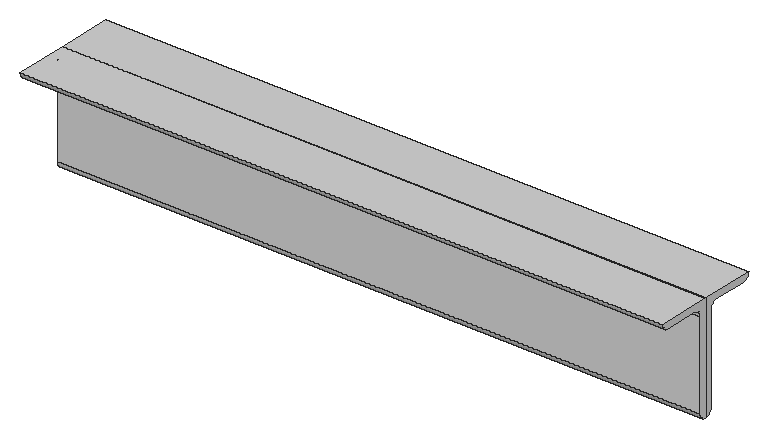
Revit family "0123_Steel Framing_2Ls-KSD3502", category Structural Framing, Revit 2023
Family settings
  Structural Framing Length Roundoff = 0.00 mm
  Section Shape = Not Defined
  Material for Model Behavior = Steel
  Always export as geometry = No
  OmniClass Number = 23.25.30.11.14.14
  OmniClass Title = Beams
  Always vertical = Yes
  Cut with Voids When Loaded = No
  Symbolic Representation = From Project Settings
  Shared = No
  Show family pre-cut in plan views = Yes
Parameters (values of type "2L8X4X1/2LLBB")
  W = 39.5
  Structural Material [instance] = Steel ASTM A36
  Perimeter = 0
  Nominal Weight = 0.00 kgf/m
  Assembly Code = "B10"
  Legs = "LLBB"
  Length [instance] = 1524.00 mm
  Space = 0.00 mm
  b = 101.60 mm
  d = 203.20 mm
  t = 12.70 mm
  y = 72.136 mm
  A = 0.00748386 m²
Reference planes
  plane 1 "Center (Front/Back)": y = 0
  plane 2: z = 0
  plane 3 "Center (Left/Right)": x = 4.61
  plane 4 "Member Left": x = -604.99
  plane 5 "Member Right": x = 614.21
  plane 6: y = 101.6
  plane 7: y = -101.6
  plane 8 "Top": z = 72.136
  plane 9: z = -131.064
  plane 10: y = 0
  plane 11: y = 0
  plane 12 "Left": x = -757.39
  plane 13 "Right": x = 766.61
Forms (mm)
  Sweep 1, solid, material "Steel ASTM A36" <- "Structural Material", detail levels fine
    path origin (0, 0, 0) x (1, 0, 0) y (0, 1, 0)
      loop
        line (614.21, 0) -> (-604.99, 0)
    profile "2L-Angle-Profile-Fine : 2L-Angle-Profile-Fine" origin (4.61, 0, 0) x (0, -1, 0) y (0, 0, 1)
      loop
        arc (0, -131.064) -> (8.98, -127.344) -> (12.7, -118.364) r 12.7
        line (12.7, -118.364) -> (12.7, 46.736)
        arc (12.7, 46.736) -> (16.42, 55.716) -> (25.4, 59.436) r 12.7
        line (25.4, 59.436) -> (88.9, 59.436)
        arc (88.9, 59.436) -> (97.88, 63.156) -> (101.6, 72.136) r 12.7
        line (101.6, 72.136) -> (0, 72.136) -> (0, -131.064)
  Sweep 2, solid, material "Steel ASTM A36" <- "Structural Material", detail levels fine
    path origin (0, 0, 0) x (1, 0, 0) y (0, 1, 0)
      loop
        line (614.21, 0) -> (-604.99, 0)
    profile "2L-Angle-Profile-Fine : 2L-Angle-Profile-Fine" origin (4.61, 0, 0) x (0, -1, 0) y (0, 0, 1)
      loop
        line (0, -131.064) -> (0, 72.136) -> (-101.6, 72.136)
        arc (-101.6, 72.136) -> (-97.88, 63.156) -> (-88.9, 59.436) r 12.7
        line (-88.9, 59.436) -> (-25.4, 59.436)
        arc (-25.4, 59.436) -> (-16.42, 55.716) -> (-12.7, 46.736) r 12.7
        line (-12.7, 46.736) -> (-12.7, -118.364)
        arc (-12.7, -118.364) -> (-8.98, -127.344) -> (0, -131.064) r 12.7
  Sweep 3, solid, material "Steel ASTM A36" <- "Structural Material", detail levels medium
    path origin (0, 0, 0) x (1, 0, 0) y (0, 1, 0)
      loop
        line (614.21, 0) -> (-604.99, 0)
    profile "2L-Angle-Profile-Medium : 2L-Angle-Profile-Medium" origin (4.61, 0, 0) x (0, -1, 0) y (0, 0, 1)
      loop
        line (0, -131.064) -> (12.7, -131.064) -> (12.7, 59.436) -> (101.6, 59.436) -> (101.6, 72.136) -> (0, 72.136) -> (0, -131.064)
  Sweep 4, solid, material "Steel ASTM A36" <- "Structural Material", detail levels medium
    path origin (0, 0, 0) x (1, 0, 0) y (0, 1, 0)
      loop
        line (614.21, 0) -> (-604.99, 0)
    profile "2L-Angle-Profile-Medium : 2L-Angle-Profile-Medium" origin (4.61, 0, 0) x (0, -1, 0) y (0, 0, 1)
      loop
        line (0, -131.064) -> (0, 72.136) -> (-101.6, 72.136) -> (-101.6, 59.436) -> (-12.7, 59.436) -> (-12.7, -131.064) -> (0, -131.064)
Lines and regions (mm)
  symbolic lines, style "Hidden Faces", detail levels medium+fine
    curve 1: line (-604.99, 12.7, 0) -> (614.21, 12.7, 0)
    curve 2: line (-604.99, -12.7, 0) -> (614.21, -12.7, 0)
  symbolic lines, style "Stick Symbols", detail levels coarse
    curve 3: line (4.61, 101.6, 72.136) -> (4.61, 0, 72.136)
    curve 4: line (4.61, 0, 72.136) -> (4.61, -101.6, 72.136)
    curve 5: line (4.61, 0, -131.064) -> (4.61, 0, 72.136)
    curve 6: line (4.61, 0, -131.064) -> (4.61, 0, 72.136)
Dimensions and locks
  "d": plane 9 to plane 8 "Top"
  "y": plane 8 "Top" to plane 2
  equal spacing: plane 10, plane 1 "Center (Front/Back)", plane 11
  "b": plane 11 to plane 7
  "b": plane 6 to plane 10
  "Space": plane 10 to plane 11
  "Length": plane 12 "Left" to plane 13 "Right"
  "t": plane 10 to curve 1
  "t": plane 11 to curve 2
  aligned and locked: Sweep 1 sketch curve to plane 1 "Center (Front/Back)"
  aligned and locked: Sweep 2 sketch curve to plane 1 "Center (Front/Back)"
  aligned and locked: Sweep 3 sketch curve to plane 1 "Center (Front/Back)"
  aligned and locked: Sweep 4 sketch curve to plane 1 "Center (Front/Back)"
  aligned and locked: Sweep 4 to curve 3
  aligned and locked: curve 4 to Sweep 3
  aligned and locked: curve 3 to Sweep 4
  aligned and locked: Sweep 3 to curve 4
  aligned and locked: plane 10 to curve 3
  aligned and locked: plane 11 to curve 4
  aligned and locked: Sweep 4 to curve 6
  aligned and locked: curve 5 to Sweep 3
  aligned and locked: plane 8 "Top" to curve 6
  aligned and locked: plane 9 to curve 5
  aligned and locked: plane 9 to curve 6
  aligned and locked: plane 4 "Member Left" to Sweep 4 sketch curve
  aligned and locked: plane 5 "Member Right" to Sweep 4 sketch curve
  aligned and locked: plane 4 "Member Left" to Sweep 2 sketch curve
  aligned and locked: plane 5 "Member Right" to Sweep 2 sketch curve
  aligned and locked: plane 4 "Member Left" to Sweep 3 sketch curve
  aligned and locked: plane 5 "Member Right" to Sweep 3 sketch curve
  aligned and locked: plane 4 "Member Left" to Sweep 1 sketch curve
  aligned and locked: plane 5 "Member Right" to Sweep 1 sketch curve
  aligned and locked: plane 4 "Member Left" to curve 1
  aligned and locked: plane 4 "Member Left" to curve 2
  aligned and locked: plane 5 "Member Right" to curve 2
  aligned and locked: plane 5 "Member Right" to curve 1
Types (599, lengths in mm): name | W | Legs | Space | b | d | t | y | A
  2L8X8X1 | 103 | "Equal" | 0.00 | 203.20 | 203.20 | 25.40 | 59.944 | 0.0194838 m²
  2L8X4X1/2LLBB | 39.5 | "LLBB" | 0.00 | 101.60 | 203.20 | 12.70 | 72.136 | 0.00748386 m²
  2L2-1/2X2X3/16X3/4SLBB | 5.57 | "SLBB" | 19.05 | 63.50 | 50.80 | 4.763 | 12.903 | 0.00105806 m²
  2L2-1/2X2X3/16X3/8SLBB | 5.57 | "SLBB" | 9.525 | 63.50 | 50.80 | 4.763 | 12.903 | 0.00105806 m²
  2L2-1/2X2X3/16SLBB | 5.57 | "SLBB" | 0.00 | 63.50 | 50.80 | 4.763 | 12.903 | 0.00105806 m²
  2L2-1/2X2X1/4X3/4SLBB | 7.3 | "SLBB" | 19.05 | 63.50 | 50.80 | 6.35 | 13.513 | 0.00138064 m²
  2L2-1/2X2X1/4X3/8SLBB | 7.3 | "SLBB" | 9.525 | 63.50 | 50.80 | 6.35 | 13.513 | 0.00138064 m²
  2L2-1/2X2X1/4SLBB | 7.3 | "SLBB" | 0.00 | 63.50 | 50.80 | 6.35 | 13.513 | 0.00138064 m²
  2L2-1/2X2X5/16X3/4SLBB | 8.97 | "SLBB" | 19.05 | 63.50 | 50.80 | 7.938 | 14.097 | 0.00170322 m²
  2L2-1/2X2X5/16X3/8SLBB | 8.97 | "SLBB" | 9.525 | 63.50 | 50.80 | 7.938 | 14.097 | 0.00170322 m²
  2L2-1/2X2X5/16SLBB | 8.97 | "SLBB" | 0.00 | 63.50 | 50.80 | 7.938 | 14.097 | 0.00170322 m²
  2L2-1/2X2X3/8X3/4SLBB | 10.6 | "SLBB" | 19.05 | 63.50 | 50.80 | 9.525 | 14.681 | 0.00200645 m²
  2L2-1/2X2X3/8X3/8SLBB | 10.6 | "SLBB" | 9.525 | 63.50 | 50.80 | 9.525 | 14.681 | 0.00200645 m²
  2L2-1/2X2X3/8SLBB | 10.6 | "SLBB" | 0.00 | 63.50 | 50.80 | 9.525 | 14.681 | 0.00200645 m²
  2L3X2X3/16X3/4SLBB | 6.24 | "SLBB" | 19.05 | 76.20 | 50.80 | 4.763 | 11.735 | 0.00118064 m²
  2L3X2X3/16X3/8SLBB | 6.24 | "SLBB" | 9.525 | 76.20 | 50.80 | 4.763 | 11.735 | 0.00118064 m²
  2L3X2X3/16SLBB | 6.24 | "SLBB" | 0.00 | 76.20 | 50.80 | 4.763 | 11.735 | 0.00118064 m²
  2L3X2X1/4X3/4SLBB | 8.18 | "SLBB" | 19.05 | 76.20 | 50.80 | 6.35 | 12.37 | 0.00154838 m²
  2L3X2X1/4X3/8SLBB | 8.18 | "SLBB" | 9.525 | 76.20 | 50.80 | 6.35 | 12.37 | 0.00154838 m²
  2L3X2X1/4SLBB | 8.18 | "SLBB" | 0.00 | 76.20 | 50.80 | 6.35 | 12.37 | 0.00154838 m²
  2L3X2X5/16X3/4SLBB | 10.1 | "SLBB" | 19.05 | 76.20 | 50.80 | 7.938 | 12.979 | 0.00190967 m²
  2L3X2X5/16X3/8SLBB | 10.1 | "SLBB" | 9.525 | 76.20 | 50.80 | 7.938 | 12.979 | 0.00190967 m²
  2L3X2X5/16SLBB | 10.1 | "SLBB" | 0.00 | 76.20 | 50.80 | 7.938 | 12.979 | 0.00190967 m²
  2L3X2X3/8X3/4SLBB | 11.9 | "SLBB" | 19.05 | 76.20 | 50.80 | 9.525 | 13.589 | 0.00225806 m²
  2L3X2X3/8X3/8SLBB | 11.9 | "SLBB" | 9.525 | 76.20 | 50.80 | 9.525 | 13.589 | 0.00225806 m²
  2L3X2X3/8SLBB | 11.9 | "SLBB" | 0.00 | 76.20 | 50.80 | 9.525 | 13.589 | 0.00225806 m²
  2L3X2X1/2X3/4SLBB | 15.4 | "SLBB" | 19.05 | 76.20 | 50.80 | 12.70 | 14.732 | 0.00292257 m²
  2L3X2X1/2X3/8SLBB | 15.4 | "SLBB" | 9.525 | 76.20 | 50.80 | 12.70 | 14.732 | 0.00292257 m²
  2L3X2X1/2SLBB | 15.4 | "SLBB" | 0.00 | 76.20 | 50.80 | 12.70 | 14.732 | 0.00292257 m²
  2L3X2-1/2X3/16X3/4SLBB | 6.82 | "SLBB" | 19.05 | 76.20 | 63.50 | 4.763 | 15.926 | 0.00129032 m²
  2L3X2-1/2X3/16X3/8SLBB | 6.82 | "SLBB" | 9.525 | 76.20 | 63.50 | 4.763 | 15.926 | 0.00129032 m²
  2L3X2-1/2X3/16SLBB | 6.82 | "SLBB" | 0.00 | 76.20 | 63.50 | 4.763 | 15.926 | 0.00129032 m²
  2L3X2-1/2X1/4X3/4SLBB | 8.97 | "SLBB" | 19.05 | 76.20 | 63.50 | 6.35 | 16.586 | 0.00170322 m²
  2L3X2-1/2X1/4X3/8SLBB | 8.97 | "SLBB" | 9.525 | 76.20 | 63.50 | 6.35 | 16.586 | 0.00170322 m²
  2L3X2-1/2X1/4SLBB | 8.97 | "SLBB" | 0.00 | 76.20 | 63.50 | 6.35 | 16.586 | 0.00170322 m²
  2L3X2-1/2X5/16X3/4SLBB | 11.1 | "SLBB" | 19.05 | 76.20 | 63.50 | 7.938 | 17.196 | 0.00209677 m²
  2L3X2-1/2X5/16X3/8SLBB | 11.1 | "SLBB" | 9.525 | 76.20 | 63.50 | 7.938 | 17.196 | 0.00209677 m²
  2L3X2-1/2X5/16SLBB | 11.1 | "SLBB" | 0.00 | 76.20 | 63.50 | 7.938 | 17.196 | 0.00209677 m²
  2L3X2-1/2X3/8X3/4SLBB | 13.1 | "SLBB" | 19.05 | 76.20 | 63.50 | 9.525 | 17.805 | 0.00249032 m²
  2L3X2-1/2X3/8X3/8SLBB | 13.1 | "SLBB" | 9.525 | 76.20 | 63.50 | 9.525 | 17.805 | 0.00249032 m²
  2L3X2-1/2X3/8SLBB | 13.1 | "SLBB" | 0.00 | 76.20 | 63.50 | 9.525 | 17.805 | 0.00249032 m²
  2L3X2-1/2X7/16X3/4SLBB | 15.1 | "SLBB" | 19.05 | 76.20 | 63.50 | 11.113 | 18.39 | 0.00286451 m²
  2L3X2-1/2X7/16X3/8SLBB | 15.1 | "SLBB" | 9.525 | 76.20 | 63.50 | 11.113 | 18.39 | 0.00286451 m²
  2L3X2-1/2X7/16SLBB | 15.1 | "SLBB" | 0.00 | 76.20 | 63.50 | 11.113 | 18.39 | 0.00286451 m²
  2L3X2-1/21/2X3/4SLBB | 17.1 | "SLBB" | 19.05 | 76.20 | 63.50 | 12.70 | 18.948 | 0.00323225 m²
  2L3X2-1/2X1/2X3/8SLBB | 17.1 | "SLBB" | 9.525 | 76.20 | 63.50 | 12.70 | 18.948 | 0.00323225 m²
  2L3X2-1/2X1/2SLBB | 17.1 | "SLBB" | 0.00 | 76.20 | 63.50 | 12.70 | 18.948 | 0.00323225 m²
  2L3-1/2X2-1/2X1/4X3/4SLBB | 9.88 | "SLBB" | 19.05 | 88.90 | 63.50 | 6.35 | 15.418 | 0.00187096 m²
  2L3-1/2X2-1/2X1/4X3/8SLBB | 9.88 | "SLBB" | 9.525 | 88.90 | 63.50 | 6.35 | 15.418 | 0.00187096 m²
  2L3-1/2X2-1/2X1/4SLBB | 9.88 | "SLBB" | 0.00 | 88.90 | 63.50 | 6.35 | 15.418 | 0.00187096 m²
  2L3-1/2X2-1/2X5/16X3/4SLBB | 12.2 | "SLBB" | 19.05 | 88.90 | 63.50 | 7.938 | 16.053 | 0.00230967 m²
  2L3-1/2X2-1/2X5/16X3/8SLBB | 12.2 | "SLBB" | 9.525 | 88.90 | 63.50 | 7.938 | 16.053 | 0.00230967 m²
  2L3-1/2X2-1/2X5/16SLBB | 12.2 | "SLBB" | 0.00 | 88.90 | 63.50 | 7.938 | 16.053 | 0.00230967 m²
  2L3-1/2X2-1/2X3/8X3/4SLBB | 14.5 | "SLBB" | 19.05 | 88.90 | 63.50 | 9.525 | 16.637 | 0.00274193 m²
  2L3-1/2X2-1/2X3/8X3/8SLBB | 14.5 | "SLBB" | 9.525 | 88.90 | 63.50 | 9.525 | 16.637 | 0.00274193 m²
  2L3-1/2X2-1/2X3/8SLBB | 14.5 | "SLBB" | 0.00 | 88.90 | 63.50 | 9.525 | 16.637 | 0.00274193 m²
  2L3-1/2X2-1/2X1/2X3/4SLBB | 18.8 | "SLBB" | 19.05 | 88.90 | 63.50 | 12.70 | 17.805 | 0.00356773 m²
  2L3-1/2X2-1/2X1/2X3/8SLBB | 18.8 | "SLBB" | 9.525 | 88.90 | 63.50 | 12.70 | 17.805 | 0.00356773 m²
  2L3-1/2X2-1/2X1/2SLBB | 18.8 | "SLBB" | 0.00 | 88.90 | 63.50 | 12.70 | 17.805 | 0.00356773 m²
  2L3-1/2X3X1/4X3/4SLBB | 10.8 | "SLBB" | 19.05 | 88.90 | 76.20 | 6.35 | 19.634 | 0.00203871 m²
  2L3-1/2X3X1/4X3/8SLBB | 10.8 | "SLBB" | 9.525 | 88.90 | 76.20 | 6.35 | 19.634 | 0.00203871 m²
  2L3-1/2X3X1/4SLBB | 10.8 | "SLBB" | 0.00 | 88.90 | 76.20 | 6.35 | 19.634 | 0.00203871 m²
  2L3-1/2X3X5/16X3/4SLBB | 13.3 | "SLBB" | 19.05 | 88.90 | 76.20 | 7.938 | 20.269 | 0.00252258 m²
  2L3-1/2X3X5/16X3/8SLBB | 13.3 | "SLBB" | 9.525 | 88.90 | 76.20 | 7.938 | 20.269 | 0.00252258 m²
  2L3-1/2X3X5/16SLBB | 13.3 | "SLBB" | 0.00 | 88.90 | 76.20 | 7.938 | 20.269 | 0.00252258 m²
  2L3-1/2X3X3/8X3/4SLBB | 15.8 | "SLBB" | 19.05 | 88.90 | 76.20 | 9.525 | 20.904 | 0.00298709 m²
  2L3-1/2X3X3/8X3/8SLBB | 15.8 | "SLBB" | 9.525 | 88.90 | 76.20 | 9.525 | 20.904 | 0.00298709 m²
  2L3-1/2X3X3/8SLBB | 15.8 | "SLBB" | 0.00 | 88.90 | 76.20 | 9.525 | 20.904 | 0.00298709 m²
  2L3-1/2X3X7/16X3/4SLBB | 18.2 | "SLBB" | 19.05 | 88.90 | 76.20 | 11.113 | 21.488 | 0.00344515 m²
  2L3-1/2X3X7/16X3/8SLBB | 18.2 | "SLBB" | 9.525 | 88.90 | 76.20 | 11.113 | 21.488 | 0.00344515 m²
  2L3-1/2X3X7/16SLBB | 18.2 | "SLBB" | 0.00 | 88.90 | 76.20 | 11.113 | 21.488 | 0.00344515 m²
  2L3-1/2X3X1/2X3/4SLBB | 20.6 | "SLBB" | 19.05 | 88.90 | 76.20 | 12.70 | 22.073 | 0.00389677 m²
  2L3-1/2X3X1/2X3/8SLBB | 20.6 | "SLBB" | 9.525 | 88.90 | 76.20 | 12.70 | 22.073 | 0.00389677 m²
  2L3-1/2X3X1/2SLBB | 20.6 | "SLBB" | 0.00 | 88.90 | 76.20 | 12.70 | 22.073 | 0.00389677 m²
  2L4X3X1/4X3/4SLBB | 11.5 | "SLBB" | 19.05 | 101.60 | 76.20 | 6.35 | 18.415 | 0.00218064 m²
  2L4X3X1/4X3/8SLBB | 11.5 | "SLBB" | 9.525 | 101.60 | 76.20 | 6.35 | 18.415 | 0.00218064 m²
  2L4X3X1/4SLBB | 11.5 | "SLBB" | 0.00 | 101.60 | 76.20 | 6.35 | 18.415 | 0.00218064 m²
  2L4X3X5/16X3/4SLBB | 14.2 | "SLBB" | 19.05 | 101.60 | 76.20 | 7.938 | 19.05 | 0.00270322 m²
  2L4X3X5/16X3/8SLBB | 14.2 | "SLBB" | 9.525 | 101.60 | 76.20 | 7.938 | 19.05 | 0.00270322 m²
  2L4X3X5/16SLBB | 14.2 | "SLBB" | 0.00 | 101.60 | 76.20 | 7.938 | 19.05 | 0.00270322 m²
  2L4X3X3/8X3/4SLBB | 16.9 | "SLBB" | 19.05 | 101.60 | 76.20 | 9.525 | 19.685 | 0.0032129 m²
  2L4X3X3/8X3/8SLBB | 16.9 | "SLBB" | 9.525 | 101.60 | 76.20 | 9.525 | 19.685 | 0.0032129 m²
  2L4X3X3/8SLBB | 16.9 | "SLBB" | 0.00 | 101.60 | 76.20 | 9.525 | 19.685 | 0.0032129 m²
  2L4X3X1/2X3/4SLBB | 22.1 | "SLBB" | 19.05 | 101.60 | 76.20 | 12.70 | 20.879 | 0.00419999 m²
  2L4X3X1/2X3/8SLBB | 22.1 | "SLBB" | 9.525 | 101.60 | 76.20 | 12.70 | 20.879 | 0.00419999 m²
  2L4X3X1/2SLBB | 22.1 | "SLBB" | 0.00 | 101.60 | 76.20 | 12.70 | 20.879 | 0.00419999 m²
  2L4X3X5/8X3/4SLBB | 27.1 | "SLBB" | 19.05 | 101.60 | 76.20 | 15.875 | 22.022 | 0.00514838 m²
  2L4X3X5/8X3/8SLBB | 27.1 | "SLBB" | 9.525 | 101.60 | 76.20 | 15.875 | 22.022 | 0.00514838 m²
  2L4X3X5/8SLBB | 27.1 | "SLBB" | 0.00 | 101.60 | 76.20 | 15.875 | 22.022 | 0.00514838 m²
  2L4X3-1/2X1/4X3/4SLBB | 12.4 | "SLBB" | 19.05 | 101.60 | 88.90 | 6.35 | 22.784 | 0.00234193 m²
  2L4X3-1/2X1/4X3/8SLBB | 12.4 | "SLBB" | 9.525 | 101.60 | 88.90 | 6.35 | 22.784 | 0.00234193 m²
  2L4X3-1/2X1/4SLBB | 12.4 | "SLBB" | 0.00 | 101.60 | 88.90 | 6.35 | 22.784 | 0.00234193 m²
  2L4X3-1/2X5/16X3/4SLBB | 15.3 | "SLBB" | 19.05 | 101.60 | 88.90 | 7.938 | 23.444 | 0.00290322 m²
  2L4X3-1/2X5/16X3/8SLBB | 15.3 | "SLBB" | 9.525 | 101.60 | 88.90 | 7.938 | 23.444 | 0.00290322 m²
  2L4X3-1/2X5/16SLBB | 15.3 | "SLBB" | 0.00 | 101.60 | 88.90 | 7.938 | 23.444 | 0.00290322 m²
  2L4X3-1/2X3/8X3/4SLBB | 18.2 | "SLBB" | 19.05 | 101.60 | 88.90 | 9.525 | 24.054 | 0.00345161 m²
  2L4X3-1/2X3/8X3/8SLBB | 18.2 | "SLBB" | 9.525 | 101.60 | 88.90 | 9.525 | 24.054 | 0.00345161 m²
  2L4X3-1/2X3/8SLBB | 18.2 | "SLBB" | 0.00 | 101.60 | 88.90 | 9.525 | 24.054 | 0.00345161 m²
  2L4X3-1/2X1/2X3/4SLBB | 23.8 | "SLBB" | 19.05 | 101.60 | 88.90 | 12.70 | 25.248 | 0.00452257 m²
  2L4X3-1/2X1/2X3/8SLBB | 23.8 | "SLBB" | 9.525 | 101.60 | 88.90 | 12.70 | 25.248 | 0.00452257 m²
  2L4X3-1/2X1/2SLBB | 23.8 | "SLBB" | 0.00 | 101.60 | 88.90 | 12.70 | 25.248 | 0.00452257 m²
  2L5X3X1/4X3/4SLBB | 13.2 | "SLBB" | 19.05 | 127.00 | 76.20 | 6.35 | 16.459 | 0.00250322 m²
  2L5X3X1/4X3/8SLBB | 13.2 | "SLBB" | 9.525 | 127.00 | 76.20 | 6.35 | 16.459 | 0.00250322 m²
  2L5X3X1/4SLBB | 13.2 | "SLBB" | 0.00 | 127.00 | 76.20 | 6.35 | 16.459 | 0.00250322 m²
  2L5X3X5/16X3/4SLBB | 16.4 | "SLBB" | 19.05 | 127.00 | 76.20 | 7.938 | 17.094 | 0.00310322 m²
  2L5X3X5/16X3/8SLBB | 16.4 | "SLBB" | 9.525 | 127.00 | 76.20 | 7.938 | 17.094 | 0.00310322 m²
  2L5X3X5/16SLBB | 16.4 | "SLBB" | 0.00 | 127.00 | 76.20 | 7.938 | 17.094 | 0.00310322 m²
  2L5X3X3/8X3/4SLBB | 19.5 | "SLBB" | 19.05 | 127.00 | 76.20 | 9.525 | 17.729 | 0.00369677 m²
  2L5X3X3/8X3/8SLBB | 19.5 | "SLBB" | 9.525 | 127.00 | 76.20 | 9.525 | 17.729 | 0.00369677 m²
  2L5X3X3/8SLBB | 19.5 | "SLBB" | 0.00 | 127.00 | 76.20 | 9.525 | 17.729 | 0.00369677 m²
  2L5X3X7/16X3/4SLBB | 22.5 | "SLBB" | 19.05 | 127.00 | 76.20 | 11.113 | 18.339 | 0.00427096 m²
  2L5X3X7/16X3/8SLBB | 22.5 | "SLBB" | 9.525 | 127.00 | 76.20 | 11.113 | 18.339 | 0.00427096 m²
  2L5X3X7/16SLBB | 22.5 | "SLBB" | 0.00 | 127.00 | 76.20 | 11.113 | 18.339 | 0.00427096 m²
  2L5X3X1/2X3/4SLBB | 25.5 | "SLBB" | 19.05 | 127.00 | 76.20 | 12.70 | 18.948 | 0.00484515 m²
  2L5X3X1/2X3/8SLBB | 25.5 | "SLBB" | 9.525 | 127.00 | 76.20 | 12.70 | 18.948 | 0.00484515 m²
  2L5X3X1/2SLBB | 25.5 | "SLBB" | 0.00 | 127.00 | 76.20 | 12.70 | 18.948 | 0.00484515 m²
  2L5X3-1/2X1/4X3/4SLBB | 14.1 | "SLBB" | 19.05 | 127.00 | 88.90 | 6.35 | 20.422 | 0.00266451 m²
  2L5X3-1/2X1/4X3/8SLBB | 14.1 | "SLBB" | 9.525 | 127.00 | 88.90 | 6.35 | 20.422 | 0.00266451 m²
  2L5X3-1/2X1/4SLBB | 14.1 | "SLBB" | 0.00 | 127.00 | 88.90 | 6.35 | 20.422 | 0.00266451 m²
  2L5X3-1/2X5/16X3/4SLBB | 17.4 | "SLBB" | 19.05 | 127.00 | 88.90 | 7.938 | 21.057 | 0.00330322 m²
  2L5X3-1/2X5/16X3/8SLBB | 17.4 | "SLBB" | 9.525 | 127.00 | 88.90 | 7.938 | 21.057 | 0.00330322 m²
  2L5X3-1/2X5/16SLBB | 17.4 | "SLBB" | 0.00 | 127.00 | 88.90 | 7.938 | 21.057 | 0.00330322 m²
  2L5X3-1/2X3/8X3/4SLBB | 20.8 | "SLBB" | 19.05 | 127.00 | 88.90 | 9.525 | 21.692 | 0.00393548 m²
  2L5X3-1/2X3/8X3/8SLBB | 20.8 | "SLBB" | 9.525 | 127.00 | 88.90 | 9.525 | 21.692 | 0.00393548 m²
  2L5X3-1/2X3/8SLBB | 20.8 | "SLBB" | 0.00 | 127.00 | 88.90 | 9.525 | 21.692 | 0.00393548 m²
  2L5X3-1/2X1/2X3/4SLBB | 27.2 | "SLBB" | 19.05 | 127.00 | 88.90 | 12.70 | 22.885 | 0.00516773 m²
  2L5X3-1/2X1/2X3/8SLBB | 27.2 | "SLBB" | 9.525 | 127.00 | 88.90 | 12.70 | 22.885 | 0.00516773 m²
  2L5X3-1/2X1/2SLBB | 27.2 | "SLBB" | 0.00 | 127.00 | 88.90 | 12.70 | 22.885 | 0.00516773 m²
  2L5X3-1/2X5/8X3/4SLBB | 33.5 | "SLBB" | 19.05 | 127.00 | 88.90 | 15.875 | 24.054 | 0.00635483 m²
  2L5X3-1/2X5/8X3/8SLBB | 33.5 | "SLBB" | 9.525 | 127.00 | 88.90 | 15.875 | 24.054 | 0.00635483 m²
  2L5X3-1/2X5/8SLBB | 33.5 | "SLBB" | 0.00 | 127.00 | 88.90 | 15.875 | 24.054 | 0.00635483 m²
  2L5X3-1/2X3/4X3/4SLBB | 39.6 | "SLBB" | 19.05 | 127.00 | 88.90 | 19.05 | 25.222 | 0.00748386 m²
  2L5X3-1/2X3/4X3/8SLBB | 39.6 | "SLBB" | 9.525 | 127.00 | 88.90 | 19.05 | 25.222 | 0.00748386 m²
  2L5X3-1/2X3/4SLBB | 39.6 | "SLBB" | 0.00 | 127.00 | 88.90 | 19.05 | 25.222 | 0.00748386 m²
  2L6X3-1/2X5/16X3/4SLBB | 19.7 | "SLBB" | 19.05 | 152.40 | 88.90 | 7.938 | 19.202 | 0.00372902 m²
  2L6X3-1/2X5/16X3/8SLBB | 19.7 | "SLBB" | 9.525 | 152.40 | 88.90 | 7.938 | 19.202 | 0.00372902 m²
  2L6X3-1/2X5/16SLBB | 19.7 | "SLBB" | 0.00 | 152.40 | 88.90 | 7.938 | 19.202 | 0.00372902 m²
  2L6X3-1/2X3/8X3/4SLBB | 23.4 | "SLBB" | 19.05 | 152.40 | 88.90 | 9.525 | 19.837 | 0.0044387 m²
  2L6X3-1/2X3/8X3/8SLBB | 23.4 | "SLBB" | 9.525 | 152.40 | 88.90 | 9.525 | 19.837 | 0.0044387 m²
  2L6X3-1/2X3/8SLBB | 23.4 | "SLBB" | 0.00 | 152.40 | 88.90 | 9.525 | 19.837 | 0.0044387 m²
  2L6X3-1/2X1/2X3/4SLBB | 30.7 | "SLBB" | 19.05 | 152.40 | 88.90 | 12.70 | 21.057 | 0.00583225 m²
  2L6X3-1/2X1/2X3/8SLBB | 30.7 | "SLBB" | 9.525 | 152.40 | 88.90 | 12.70 | 21.057 | 0.00583225 m²
  2L6X3-1/2X1/2SLBB | 30.7 | "SLBB" | 0.00 | 152.40 | 88.90 | 12.70 | 21.057 | 0.00583225 m²
  2L6X4X5/16X3/4SLBB | 20.6 | "SLBB" | 19.05 | 152.40 | 101.60 | 7.938 | 23.063 | 0.00390322 m²
  2L6X4X5/16X3/8SLBB | 20.6 | "SLBB" | 9.525 | 152.40 | 101.60 | 7.938 | 23.063 | 0.00390322 m²
  2L6X4X5/16SLBB | 20.6 | "SLBB" | 0.00 | 152.40 | 101.60 | 7.938 | 23.063 | 0.00390322 m²
  2L6X4X3/8X3/4SLBB | 24.6 | "SLBB" | 19.05 | 152.40 | 101.60 | 9.525 | 23.698 | 0.00465806 m²
  2L6X4X3/8X3/8SLBB | 24.6 | "SLBB" | 9.525 | 152.40 | 101.60 | 9.525 | 23.698 | 0.00465806 m²
  2L6X4X3/8SLBB | 24.6 | "SLBB" | 0.00 | 152.40 | 101.60 | 9.525 | 23.698 | 0.00465806 m²
  2L6X4X7/16X3/4SLBB | 28.5 | "SLBB" | 19.05 | 152.40 | 101.60 | 11.113 | 24.308 | 0.00539354 m²
  2L6X4X7/16X3/8SLBB | 28.5 | "SLBB" | 9.525 | 152.40 | 101.60 | 11.113 | 24.308 | 0.00539354 m²
  2L6X4X7/16SLBB | 28.5 | "SLBB" | 0.00 | 152.40 | 101.60 | 11.113 | 24.308 | 0.00539354 m²
  2L6X4X1/2X3/4SLBB | 32.3 | "SLBB" | 19.05 | 152.40 | 101.60 | 12.70 | 24.917 | 0.00612902 m²
  2L6X4X1/2X3/8SLBB | 32.3 | "SLBB" | 9.525 | 152.40 | 101.60 | 12.70 | 24.917 | 0.00612902 m²
  2L6X4X1/2SLBB | 32.3 | "SLBB" | 0.00 | 152.40 | 101.60 | 12.70 | 24.917 | 0.00612902 m²
  2L6X4X9/16X3/4SLBB | 36.1 | "SLBB" | 19.05 | 152.40 | 101.60 | 14.288 | 25.40 | 0.0068387 m²
  2L6X4X9/16X3/8SLBB | 36.1 | "SLBB" | 9.525 | 152.40 | 101.60 | 14.288 | 25.40 | 0.0068387 m²
  2L6X4X9/16SLBB | 36.1 | "SLBB" | 0.00 | 152.40 | 101.60 | 14.288 | 25.40 | 0.0068387 m²
  2L6X4X5/8X3/4SLBB | 39.9 | "SLBB" | 19.05 | 152.40 | 101.60 | 15.875 | 26.162 | 0.00754837 m²
  2L6X4X5/8X3/8SLBB | 39.9 | "SLBB" | 9.525 | 152.40 | 101.60 | 15.875 | 26.162 | 0.00754837 m²
  2L6X4X5/8SLBB | 39.9 | "SLBB" | 0.00 | 152.40 | 101.60 | 15.875 | 26.162 | 0.00754837 m²
  2L6X4X3/4X3/4SLBB | 47.2 | "SLBB" | 19.05 | 152.40 | 101.60 | 19.05 | 27.178 | 0.00896772 m²
  2L6X4X3/4X3/8SLBB | 47.2 | "SLBB" | 9.525 | 152.40 | 101.60 | 19.05 | 27.178 | 0.00896772 m²
  2L6X4X3/4SLBB | 47.2 | "SLBB" | 0.00 | 152.40 | 101.60 | 19.05 | 27.178 | 0.00896772 m²
  2L6X4X7/8X3/4SLBB | 54.3 | "SLBB" | 19.05 | 152.40 | 101.60 | 22.225 | 28.448 | 0.0103226 m²
  2L6X4X7/8X3/8SLBB | 54.3 | "SLBB" | 9.525 | 152.40 | 101.60 | 22.225 | 28.448 | 0.0103226 m²
  2L6X4X7/8SLBB | 54.3 | "SLBB" | 0.00 | 152.40 | 101.60 | 22.225 | 28.448 | 0.0103226 m²
  2L7X4X3/8X3/4SLBB | 27.2 | "SLBB" | 19.05 | 177.80 | 101.60 | 9.525 | 21.869 | 0.00516128 m²
  2L7X4X3/8X3/8SLBB | 27.2 | "SLBB" | 9.525 | 177.80 | 101.60 | 9.525 | 21.869 | 0.00516128 m²
  2L7X4X3/8SLBB | 27.2 | "SLBB" | 0.00 | 177.80 | 101.60 | 9.525 | 21.869 | 0.00516128 m²
  2L7X4X7/16X3/4SLBB | 31.5 | "SLBB" | 19.05 | 177.80 | 101.60 | 11.113 | 22.504 | 0.00598063 m²
  2L7X4X7/16X3/8SLBB | 31.5 | "SLBB" | 9.525 | 177.80 | 101.60 | 11.113 | 22.504 | 0.00598063 m²
  2L7X4X7/16SLBB | 31.5 | "SLBB" | 0.00 | 177.80 | 101.60 | 11.113 | 22.504 | 0.00598063 m²
  2L7X4X1/2X3/4SLBB | 35.8 | "SLBB" | 19.05 | 177.80 | 101.60 | 12.70 | 23.114 | 0.00677418 m²
  2L7X4X1/2X3/8SLBB | 35.8 | "SLBB" | 9.525 | 177.80 | 101.60 | 12.70 | 23.114 | 0.00677418 m²
  2L7X4X1/2SLBB | 35.8 | "SLBB" | 0.00 | 177.80 | 101.60 | 12.70 | 23.114 | 0.00677418 m²
  2L7X4X5/8X3/4SLBB | 44.2 | "SLBB" | 19.05 | 177.80 | 101.60 | 15.875 | 24.333 | 0.00838708 m²
  2L7X4X5/8X3/8SLBB | 44.2 | "SLBB" | 9.525 | 177.80 | 101.60 | 15.875 | 24.333 | 0.00838708 m²
  2L7X4X5/8SLBB | 44.2 | "SLBB" | 0.00 | 177.80 | 101.60 | 15.875 | 24.333 | 0.00838708 m²
  2L7X4X3/4X3/4SLBB | 52.4 | "SLBB" | 19.05 | 177.80 | 101.60 | 19.05 | 25.40 | 0.00993546 m²
  2L7X4X3/4X3/8SLBB | 52.4 | "SLBB" | 9.525 | 177.80 | 101.60 | 19.05 | 25.40 | 0.00993546 m²
  2L7X4X3/4SLBB | 52.4 | "SLBB" | 0.00 | 177.80 | 101.60 | 19.05 | 25.40 | 0.00993546 m²
  2L8X4X7/16X3/4SLBB | 34.8 | "SLBB" | 19.05 | 203.20 | 101.60 | 11.113 | 21.057 | 0.00658063 m²
  2L8X4X7/16X3/8SLBB | 34.8 | "SLBB" | 9.525 | 203.20 | 101.60 | 11.113 | 21.057 | 0.00658063 m²
  2L8X4X7/16SLBB | 34.8 | "SLBB" | 0.00 | 203.20 | 101.60 | 11.113 | 21.057 | 0.00658063 m²
  2L8X4X1/2X3/4SLBB | 39.5 | "SLBB" | 19.05 | 203.20 | 101.60 | 12.70 | 21.692 | 0.00748386 m²
  2L8X4X1/2X3/8SLBB | 39.5 | "SLBB" | 9.525 | 203.20 | 101.60 | 12.70 | 21.692 | 0.00748386 m²
  2L8X4X1/2SLBB | 39.5 | "SLBB" | 0.00 | 203.20 | 101.60 | 12.70 | 21.692 | 0.00748386 m²
  2L8X4X9/16X3/4SLBB | 44.1 | "SLBB" | 19.05 | 203.20 | 101.60 | 14.288 | 22.301 | 0.00838708 m²
  2L8X4X9/16X3/8SLBB | 44.1 | "SLBB" | 9.525 | 203.20 | 101.60 | 14.288 | 22.301 | 0.00838708 m²
  2L8X4X9/16SLBB | 44.1 | "SLBB" | 0.00 | 203.20 | 101.60 | 14.288 | 22.301 | 0.00838708 m²
  2L8X4X5/8X3/4SLBB | 48.7 | "SLBB" | 19.05 | 203.20 | 101.60 | 15.875 | 22.911 | 0.00922579 m²
  2L8X4X5/8X3/8SLBB | 48.7 | "SLBB" | 9.525 | 203.20 | 101.60 | 15.875 | 22.911 | 0.00922579 m²
  2L8X4X5/8SLBB | 48.7 | "SLBB" | 0.00 | 203.20 | 101.60 | 15.875 | 22.911 | 0.00922579 m²
  2L8X4X3/4X3/4SLBB | 57.8 | "SLBB" | 19.05 | 203.20 | 101.60 | 19.05 | 24.105 | 0.0109677 m²
  2L8X4X3/4X3/8SLBB | 57.8 | "SLBB" | 9.525 | 203.20 | 101.60 | 19.05 | 24.105 | 0.0109677 m²
  2L8X4X3/4SLBB | 57.8 | "SLBB" | 0.00 | 203.20 | 101.60 | 19.05 | 24.105 | 0.0109677 m²
  2L8X4X7/8X3/4SLBB | 66.6 | "SLBB" | 19.05 | 203.20 | 101.60 | 22.225 | 25.324 | 0.0126451 m²
  2L8X4X7/8X3/8SLBB | 66.6 | "SLBB" | 9.525 | 203.20 | 101.60 | 22.225 | 25.324 | 0.0126451 m²
  2L8X4X7/8SLBB | 66.6 | "SLBB" | 0.00 | 203.20 | 101.60 | 22.225 | 25.324 | 0.0126451 m²
  2L8X4X1X3/4SLBB | 75.2 | "SLBB" | 19.05 | 203.20 | 101.60 | 25.40 | 26.416 | 0.014258 m²
  2L8X4X1X3/8SLBB | 75.2 | "SLBB" | 9.525 | 203.20 | 101.60 | 25.40 | 26.416 | 0.014258 m²
  2L8X4X1SLBB | 75.2 | "SLBB" | 0.00 | 203.20 | 101.60 | 25.40 | 26.416 | 0.014258 m²
  2L8X6X7/16X3/4SLBB | 40.7 | "SLBB" | 19.05 | 203.20 | 152.40 | 11.113 | 36.576 | 0.00774192 m²
  2L8X6X7/16X3/8SLBB | 40.7 | "SLBB" | 9.525 | 203.20 | 152.40 | 11.113 | 36.576 | 0.00774192 m²
  2L8X6X7/16SLBB | 40.7 | "SLBB" | 0.00 | 203.20 | 152.40 | 11.113 | 36.576 | 0.00774192 m²
  2L8X6X1/2X3/4SLBB | 46.3 | "SLBB" | 19.05 | 203.20 | 152.40 | 12.70 | 37.084 | 0.00877418 m²
  2L8X6X1/2X3/8SLBB | 46.3 | "SLBB" | 9.525 | 203.20 | 152.40 | 12.70 | 37.084 | 0.00877418 m²
  2L8X6X1/2SLBB | 46.3 | "SLBB" | 0.00 | 203.20 | 152.40 | 12.70 | 37.084 | 0.00877418 m²
  2L8X6X9/16X3/4SLBB | 51.8 | "SLBB" | 19.05 | 203.20 | 152.40 | 14.288 | 37.846 | 0.00980643 m²
  2L8X6X9/16X3/8SLBB | 51.8 | "SLBB" | 9.525 | 203.20 | 152.40 | 14.288 | 37.846 | 0.00980643 m²
  2L8X6X9/16SLBB | 51.8 | "SLBB" | 0.00 | 203.20 | 152.40 | 14.288 | 37.846 | 0.00980643 m²
  2L8X6X5/8X3/4SLBB | 57.3 | "SLBB" | 19.05 | 203.20 | 152.40 | 15.875 | 38.354 | 0.0108387 m²
  2L8X6X5/8X3/8SLBB | 57.3 | "SLBB" | 9.525 | 203.20 | 152.40 | 15.875 | 38.354 | 0.0108387 m²
  2L8X6X5/8SLBB | 57.3 | "SLBB" | 0.00 | 203.20 | 152.40 | 15.875 | 38.354 | 0.0108387 m²
  2L8X6X3/4X3/4SLBB | 68 | "SLBB" | 19.05 | 203.20 | 152.40 | 19.05 | 39.624 | 0.0129032 m²
  2L8X6X3/4X3/8SLBB | 68 | "SLBB" | 9.525 | 203.20 | 152.40 | 19.05 | 39.624 | 0.0129032 m²
  2L8X6X3/4SLBB | 68 | "SLBB" | 0.00 | 203.20 | 152.40 | 19.05 | 39.624 | 0.0129032 m²
  2L8X6X7/8X3/4SLBB | 78.5 | "SLBB" | 19.05 | 203.20 | 152.40 | 22.225 | 40.64 | 0.0149032 m²
  2L8X6X7/8X3/8SLBB | 78.5 | "SLBB" | 9.525 | 203.20 | 152.40 | 22.225 | 40.64 | 0.0149032 m²
  2L8X6X7/8SLBB | 78.5 | "SLBB" | 0.00 | 203.20 | 152.40 | 22.225 | 40.64 | 0.0149032 m²
  2L8X6X1X3/4SLBB | 88.8 | "SLBB" | 19.05 | 203.20 | 152.40 | 25.40 | 41.91 | 0.0168387 m²
  2L8X6X1X3/8SLBB | 88.8 | "SLBB" | 9.525 | 203.20 | 152.40 | 25.40 | 41.91 | 0.0168387 m²
  2L8X6X1SLBB | 88.8 | "SLBB" | 0.00 | 203.20 | 152.40 | 25.40 | 41.91 | 0.0168387 m²
  2L2-1/2X2X3/16X3/4LLBB | 5.57 | "LLBB" | 19.05 | 50.80 | 63.50 | 4.763 | 19.152 | 0.00105806 m²
  2L2-1/2X2X3/16X3/8LLBB | 5.57 | "LLBB" | 9.525 | 50.80 | 63.50 | 4.763 | 19.152 | 0.00105806 m²
  2L2-1/2X2X3/16LLBB | 5.57 | "LLBB" | 0.00 | 50.80 | 63.50 | 4.763 | 19.152 | 0.00105806 m²
  2L2-1/2X2X1/4X3/4LLBB | 7.3 | "LLBB" | 19.05 | 50.80 | 63.50 | 6.35 | 19.787 | 0.00138064 m²
  2L2-1/2X2X1/4X3/8LLBB | 7.3 | "LLBB" | 9.525 | 50.80 | 63.50 | 6.35 | 19.787 | 0.00138064 m²
  2L2-1/2X2X1/4LLBB | 7.3 | "LLBB" | 0.00 | 50.80 | 63.50 | 6.35 | 19.787 | 0.00138064 m²
  2L2-1/2X2X5/16X3/4LLBB | 8.97 | "LLBB" | 19.05 | 50.80 | 63.50 | 7.938 | 20.396 | 0.00170322 m²
  2L2-1/2X2X5/16X3/8LLBB | 8.97 | "LLBB" | 9.525 | 50.80 | 63.50 | 7.938 | 20.396 | 0.00170322 m²
  2L2-1/2X2X5/16LLBB | 8.97 | "LLBB" | 0.00 | 50.80 | 63.50 | 7.938 | 20.396 | 0.00170322 m²
  2L2-1/2X2X3/8X3/4LLBB | 10.6 | "LLBB" | 19.05 | 50.80 | 63.50 | 9.525 | 20.98 | 0.00200645 m²
  2L2-1/2X2X3/8X3/8LLBB | 10.6 | "LLBB" | 9.525 | 50.80 | 63.50 | 9.525 | 20.98 | 0.00200645 m²
  2L2-1/2X2X3/8LLBB | 10.6 | "LLBB" | 0.00 | 50.80 | 63.50 | 9.525 | 20.98 | 0.00200645 m²
  2L3X2X3/16X3/4LLBB | 6.24 | "LLBB" | 19.05 | 50.80 | 76.20 | 4.763 | 24.181 | 0.00118064 m²
  2L3X2X3/16X3/8LLBB | 6.24 | "LLBB" | 9.525 | 50.80 | 76.20 | 4.763 | 24.181 | 0.00118064 m²
  2L3X2X3/16LLBB | 6.24 | "LLBB" | 0.00 | 50.80 | 76.20 | 4.763 | 24.181 | 0.00118064 m²
  2L3X2X1/4X3/4LLBB | 8.18 | "LLBB" | 19.05 | 50.80 | 76.20 | 6.35 | 24.892 | 0.00154838 m²
  2L3X2X1/4X3/8LLBB | 8.18 | "LLBB" | 9.525 | 50.80 | 76.20 | 6.35 | 24.892 | 0.00154838 m²
  2L3X2X1/4LLBB | 8.18 | "LLBB" | 0.00 | 50.80 | 76.20 | 6.35 | 24.892 | 0.00154838 m²
  2L3X2X5/16X3/4LLBB | 10.1 | "LLBB" | 19.05 | 50.80 | 76.20 | 7.938 | 25.654 | 0.00190967 m²
  2L3X2X5/16X3/8LLBB | 10.1 | "LLBB" | 9.525 | 50.80 | 76.20 | 7.938 | 25.654 | 0.00190967 m²
  2L3X2X5/16LLBB | 10.1 | "LLBB" | 0.00 | 50.80 | 76.20 | 7.938 | 25.654 | 0.00190967 m²
  2L3X2X3/8X3/4LLBB | 11.9 | "LLBB" | 19.05 | 50.80 | 76.20 | 9.525 | 26.162 | 0.00225806 m²
  2L3X2X3/8X3/8LLBB | 11.9 | "LLBB" | 9.525 | 50.80 | 76.20 | 9.525 | 26.162 | 0.00225806 m²
  2L3X2X3/8LLBB | 11.9 | "LLBB" | 0.00 | 50.80 | 76.20 | 9.525 | 26.162 | 0.00225806 m²
  2L3X2X1/2X3/4LLBB | 15.4 | "LLBB" | 19.05 | 50.80 | 76.20 | 12.70 | 27.432 | 0.00292257 m²
  2L3X2X1/2X3/8LLBB | 15.4 | "LLBB" | 9.525 | 50.80 | 76.20 | 12.70 | 27.432 | 0.00292257 m²
  2L3X2X1/2LLBB | 15.4 | "LLBB" | 0.00 | 50.80 | 76.20 | 12.70 | 27.432 | 0.00292257 m²
  2L3X2-1/2X3/16X3/4LLBB | 6.82 | "LLBB" | 19.05 | 63.50 | 76.20 | 4.763 | 22.20 | 0.00129032 m²
  2L3X2-1/2X3/16X3/8LLBB | 6.82 | "LLBB" | 9.525 | 63.50 | 76.20 | 4.763 | 22.20 | 0.00129032 m²
  2L3X2-1/2X3/16LLBB | 6.82 | "LLBB" | 0.00 | 63.50 | 76.20 | 4.763 | 22.20 | 0.00129032 m²
  2L3X2-1/2X1/4X3/4LLBB | 8.97 | "LLBB" | 19.05 | 63.50 | 76.20 | 6.35 | 22.86 | 0.00170322 m²
  2L3X2-1/2X1/4X3/8LLBB | 8.97 | "LLBB" | 9.525 | 63.50 | 76.20 | 6.35 | 22.86 | 0.00170322 m²
  2L3X2-1/2X1/4LLBB | 8.97 | "LLBB" | 0.00 | 63.50 | 76.20 | 6.35 | 22.86 | 0.00170322 m²
  2L3X2-1/2X5/16X3/4LLBB | 11.1 | "LLBB" | 19.05 | 63.50 | 76.20 | 7.938 | 23.495 | 0.00209677 m²
  2L3X2-1/2X5/16X3/8LLBB | 11.1 | "LLBB" | 9.525 | 63.50 | 76.20 | 7.938 | 23.495 | 0.00209677 m²
  2L3X2-1/2X5/16LLBB | 11.1 | "LLBB" | 0.00 | 63.50 | 76.20 | 7.938 | 23.495 | 0.00209677 m²
  2L3X2-1/2X3/8X3/4LLBB | 13.1 | "LLBB" | 19.05 | 63.50 | 76.20 | 9.525 | 24.105 | 0.00249032 m²
  2L3X2-1/2X3/8X3/8LLBB | 13.1 | "LLBB" | 9.525 | 63.50 | 76.20 | 9.525 | 24.105 | 0.00249032 m²
  2L3X2-1/2X3/8LLBB | 13.1 | "LLBB" | 0.00 | 63.50 | 76.20 | 9.525 | 24.105 | 0.00249032 m²
  2L3X2-1/2X7/16X3/4LLBB | 15.1 | "LLBB" | 19.05 | 63.50 | 76.20 | 11.113 | 24.689 | 0.00286451 m²
  2L3X2-1/2X7/16X3/8LLBB | 15.1 | "LLBB" | 9.525 | 63.50 | 76.20 | 11.113 | 24.689 | 0.00286451 m²
  2L3X2-1/2X7/16LLBB | 15.1 | "LLBB" | 0.00 | 63.50 | 76.20 | 11.113 | 24.689 | 0.00286451 m²
  2L3X2-1/2X1/2X3/4LLBB | 17.1 | "LLBB" | 19.05 | 63.50 | 76.20 | 12.70 | 25.273 | 0.00323225 m²
  2L3X2-1/2X1/2X3/8LLBB | 17.1 | "LLBB" | 9.525 | 63.50 | 76.20 | 12.70 | 25.273 | 0.00323225 m²
  2L3X2-1/2X1/2LLBB | 17.1 | "LLBB" | 0.00 | 63.50 | 76.20 | 12.70 | 25.273 | 0.00323225 m²
  2L3-1/2X2-1/2X1/4X3/4LLBB | 9.88 | "LLBB" | 19.05 | 63.50 | 88.90 | 6.35 | 27.94 | 0.00187096 m²
  2L3-1/2X2-1/2X1/4X3/8LLBB | 9.88 | "LLBB" | 9.525 | 63.50 | 88.90 | 6.35 | 27.94 | 0.00187096 m²
  2L3-1/2X2-1/2X1/4LLBB | 9.88 | "LLBB" | 0.00 | 63.50 | 88.90 | 6.35 | 27.94 | 0.00187096 m²
  2L3-1/2X2-1/2X5/16X3/4LLBB | 12.2 | "LLBB" | 19.05 | 63.50 | 88.90 | 7.938 | 28.702 | 0.00230967 m²
  2L3-1/2X2-1/2X5/16X3/8LLBB | 12.2 | "LLBB" | 9.525 | 63.50 | 88.90 | 7.938 | 28.702 | 0.00230967 m²
  2L3-1/2X2-1/2X5/16LLBB | 12.2 | "LLBB" | 0.00 | 63.50 | 88.90 | 7.938 | 28.702 | 0.00230967 m²
  2L3-1/2X2-1/2X3/8X3/4LLBB | 14.5 | "LLBB" | 19.05 | 63.50 | 88.90 | 9.525 | 29.21 | 0.00274193 m²
  2L3-1/2X2-1/2X3/8X3/8LLBB | 14.5 | "LLBB" | 9.525 | 63.50 | 88.90 | 9.525 | 29.21 | 0.00274193 m²
  2L3-1/2X2-1/2X3/8LLBB | 14.5 | "LLBB" | 0.00 | 63.50 | 88.90 | 9.525 | 29.21 | 0.00274193 m²
  2L3-1/2X2-1/2X1/2X3/4LLBB | 18.8 | "LLBB" | 19.05 | 63.50 | 88.90 | 12.70 | 30.48 | 0.00356773 m²
  2L3-1/2X2-1/2X1/2X3/8LLBB | 18.8 | "LLBB" | 9.525 | 63.50 | 88.90 | 12.70 | 30.48 | 0.00356773 m²
  2L3-1/2X2-1/2X1/2LLBB | 18.8 | "LLBB" | 0.00 | 63.50 | 88.90 | 12.70 | 30.48 | 0.00356773 m²
  2L3-1/2X3X1/4X3/4LLBB | 10.8 | "LLBB" | 19.05 | 76.20 | 88.90 | 6.35 | 25.908 | 0.00203871 m²
  2L3-1/2X3X1/4X3/8LLBB | 10.8 | "LLBB" | 9.525 | 76.20 | 88.90 | 6.35 | 25.908 | 0.00203871 m²
  2L3-1/2X3X1/4LLBB | 10.8 | "LLBB" | 0.00 | 76.20 | 88.90 | 6.35 | 25.908 | 0.00203871 m²
  2L3-1/2X3X5/16X3/4LLBB | 13.3 | "LLBB" | 19.05 | 76.20 | 88.90 | 7.938 | 26.67 | 0.00252258 m²
  2L3-1/2X3X5/16X3/8LLBB | 13.3 | "LLBB" | 9.525 | 76.20 | 88.90 | 7.938 | 26.67 | 0.00252258 m²
  2L3-1/2X3X5/16LLBB | 13.3 | "LLBB" | 0.00 | 76.20 | 88.90 | 7.938 | 26.67 | 0.00252258 m²
  2L3-1/2X3X3/8X3/4LLBB | 15.8 | "LLBB" | 19.05 | 76.20 | 88.90 | 9.525 | 27.178 | 0.00298709 m²
  2L3-1/2X3X3/8X3/8LLBB | 15.8 | "LLBB" | 9.525 | 76.20 | 88.90 | 9.525 | 27.178 | 0.00298709 m²
  2L3-1/2X3X3/8LLBB | 15.8 | "LLBB" | 0.00 | 76.20 | 88.90 | 9.525 | 27.178 | 0.00298709 m²
  2L3-1/2X3X7/16X3/4LLBB | 18.2 | "LLBB" | 19.05 | 76.20 | 88.90 | 11.113 | 27.686 | 0.00344515 m²
  2L3-1/2X3X7/16X3/8LLBB | 18.2 | "LLBB" | 9.525 | 76.20 | 88.90 | 11.113 | 27.686 | 0.00344515 m²
  2L3-1/2X3X7/16LLBB | 18.2 | "LLBB" | 0.00 | 76.20 | 88.90 | 11.113 | 27.686 | 0.00344515 m²
  2L3-1/2X3X1/2X3/4LLBB | 20.6 | "LLBB" | 19.05 | 76.20 | 88.90 | 12.70 | 28.448 | 0.00389677 m²
  2L3-1/2X3X1/2X3/8LLBB | 20.6 | "LLBB" | 9.525 | 76.20 | 88.90 | 12.70 | 28.448 | 0.00389677 m²
  2L3-1/2X3X1/2LLBB | 20.6 | "LLBB" | 0.00 | 76.20 | 88.90 | 12.70 | 28.448 | 0.00389677 m²
  2L4X3X1/4X3/4LLBB | 11.5 | "LLBB" | 19.05 | 76.20 | 101.60 | 6.35 | 30.988 | 0.00218064 m²
  2L4X3X1/4X3/8LLBB | 11.5 | "LLBB" | 9.525 | 76.20 | 101.60 | 6.35 | 30.988 | 0.00218064 m²
  2L4X3X1/4LLBB | 11.5 | "LLBB" | 0.00 | 76.20 | 101.60 | 6.35 | 30.988 | 0.00218064 m²
  2L4X3X5/16X3/4LLBB | 14.2 | "LLBB" | 19.05 | 76.20 | 101.60 | 7.938 | 31.75 | 0.00270322 m²
  2L4X3X5/16X3/8LLBB | 14.2 | "LLBB" | 9.525 | 76.20 | 101.60 | 7.938 | 31.75 | 0.00270322 m²
  2L4X3X5/16LLBB | 14.2 | "LLBB" | 0.00 | 76.20 | 101.60 | 7.938 | 31.75 | 0.00270322 m²
  2L4X3X3/8X3/4LLBB | 16.9 | "LLBB" | 19.05 | 76.20 | 101.60 | 9.525 | 32.258 | 0.0032129 m²
  2L4X3X3/8X3/8LLBB | 16.9 | "LLBB" | 9.525 | 76.20 | 101.60 | 9.525 | 32.258 | 0.0032129 m²
  2L4X3X3/8LLBB | 16.9 | "LLBB" | 0.00 | 76.20 | 101.60 | 9.525 | 32.258 | 0.0032129 m²
  2L4X3X1/2X3/4LLBB | 22.1 | "LLBB" | 19.05 | 76.20 | 101.60 | 12.70 | 33.528 | 0.00419999 m²
  2L4X3X1/2X3/8LLBB | 22.1 | "LLBB" | 9.525 | 76.20 | 101.60 | 12.70 | 33.528 | 0.00419999 m²
  2L4X3X1/2LLBB | 22.1 | "LLBB" | 0.00 | 76.20 | 101.60 | 12.70 | 33.528 | 0.00419999 m²
  2L4X3X5/8X3/4LLBB | 27.1 | "LLBB" | 19.05 | 76.20 | 101.60 | 15.875 | 34.798 | 0.00514838 m²
  2L4X3X5/8X3/8LLBB | 27.1 | "LLBB" | 9.525 | 76.20 | 101.60 | 15.875 | 34.798 | 0.00514838 m²
  2L4X3X5/8LLBB | 27.1 | "LLBB" | 0.00 | 76.20 | 101.60 | 15.875 | 34.798 | 0.00514838 m²
  2L4X3-1/2X1/4X3/4LLBB | 12.4 | "LLBB" | 19.05 | 88.90 | 101.60 | 6.35 | 28.956 | 0.00234193 m²
  2L4X3-1/2X1/4X3/8LLBB | 12.4 | "LLBB" | 9.525 | 88.90 | 101.60 | 6.35 | 28.956 | 0.00234193 m²
  2L4X3-1/2X1/4LLBB | 12.4 | "LLBB" | 0.00 | 88.90 | 101.60 | 6.35 | 28.956 | 0.00234193 m²
  2L4X3-1/2X5/16X3/4LLBB | 15.3 | "LLBB" | 19.05 | 88.90 | 101.60 | 7.938 | 29.718 | 0.00290322 m²
  2L4X3-1/2X5/16X3/8LLBB | 15.3 | "LLBB" | 9.525 | 88.90 | 101.60 | 7.938 | 29.718 | 0.00290322 m²
  2L4X3-1/2X5/16LLBB | 15.3 | "LLBB" | 0.00 | 88.90 | 101.60 | 7.938 | 29.718 | 0.00290322 m²
  2L4X3-1/2X3/8X3/4LLBB | 18.2 | "LLBB" | 19.05 | 88.90 | 101.60 | 9.525 | 30.48 | 0.00345161 m²
  2L4X3-1/2X3/8X3/8LLBB | 18.2 | "LLBB" | 9.525 | 88.90 | 101.60 | 9.525 | 30.48 | 0.00345161 m²
  2L4X3-1/2X3/8LLBB | 18.2 | "LLBB" | 0.00 | 88.90 | 101.60 | 9.525 | 30.48 | 0.00345161 m²
  2L4X3-1/2X1/2X3/4LLBB | 23.8 | "LLBB" | 19.05 | 88.90 | 101.60 | 12.70 | 31.496 | 0.00452257 m²
  2L4X3-1/2X1/2X3/8LLBB | 23.8 | "LLBB" | 9.525 | 88.90 | 101.60 | 12.70 | 31.496 | 0.00452257 m²
  2L4X3-1/2X1/2LLBB | 23.8 | "LLBB" | 0.00 | 88.90 | 101.60 | 12.70 | 31.496 | 0.00452257 m²
  2L5X3X1/4X3/4LLBB | 13.2 | "LLBB" | 19.05 | 76.20 | 127.00 | 6.35 | 41.656 | 0.00250322 m²
  2L5X3X1/4X3/8LLBB | 13.2 | "LLBB" | 9.525 | 76.20 | 127.00 | 6.35 | 41.656 | 0.00250322 m²
  2L5X3X1/4LLBB | 13.2 | "LLBB" | 0.00 | 76.20 | 127.00 | 6.35 | 41.656 | 0.00250322 m²
  2L5X3X5/16X3/4LLBB | 16.4 | "LLBB" | 19.05 | 76.20 | 127.00 | 7.938 | 42.418 | 0.00310322 m²
  2L5X3X5/16X3/8LLBB | 16.4 | "LLBB" | 9.525 | 76.20 | 127.00 | 7.938 | 42.418 | 0.00310322 m²
  2L5X3X5/16LLBB | 16.4 | "LLBB" | 0.00 | 76.20 | 127.00 | 7.938 | 42.418 | 0.00310322 m²
  2L5X3X3/8X3/4LLBB | 19.5 | "LLBB" | 19.05 | 76.20 | 127.00 | 9.525 | 42.926 | 0.00369677 m²
  2L5X3X3/8X3/8LLBB | 19.5 | "LLBB" | 9.525 | 76.20 | 127.00 | 9.525 | 42.926 | 0.00369677 m²
  2L5X3X3/8LLBB | 19.5 | "LLBB" | 0.00 | 76.20 | 127.00 | 9.525 | 42.926 | 0.00369677 m²
  2L5X3X7/16X3/4LLBB | 22.5 | "LLBB" | 19.05 | 76.20 | 127.00 | 11.113 | 43.688 | 0.00427096 m²
  2L5X3X7/16X3/8LLBB | 22.5 | "LLBB" | 9.525 | 76.20 | 127.00 | 11.113 | 43.688 | 0.00427096 m²
  2L5X3X7/16LLBB | 22.5 | "LLBB" | 0.00 | 76.20 | 127.00 | 11.113 | 43.688 | 0.00427096 m²
  2L5X3X1/2X3/4LLBB | 25.5 | "LLBB" | 19.05 | 76.20 | 127.00 | 12.70 | 44.196 | 0.00484515 m²
  2L5X3X1/2X3/8LLBB | 25.5 | "LLBB" | 9.525 | 76.20 | 127.00 | 12.70 | 44.196 | 0.00484515 m²
  2L5X3X1/2LLBB | 25.5 | "LLBB" | 0.00 | 76.20 | 127.00 | 12.70 | 44.196 | 0.00484515 m²
  2L5X3-1/2X1/4X3/4LLBB | 14.1 | "LLBB" | 19.05 | 88.90 | 127.00 | 6.35 | 39.37 | 0.00266451 m²
  2L5X3-1/2X1/4X3/8LLBB | 14.1 | "LLBB" | 9.525 | 88.90 | 127.00 | 6.35 | 39.37 | 0.00266451 m²
  2L5X3-1/2X1/4LLBB | 14.1 | "LLBB" | 0.00 | 88.90 | 127.00 | 6.35 | 39.37 | 0.00266451 m²
  2L5X3-1/2X5/16X3/4LLBB | 17.4 | "LLBB" | 19.05 | 88.90 | 127.00 | 7.938 | 39.878 | 0.00330322 m²
  2L5X3-1/2X5/16X3/8LLBB | 17.4 | "LLBB" | 9.525 | 88.90 | 127.00 | 7.938 | 39.878 | 0.00330322 m²
  2L5X3-1/2X5/16LLBB | 17.4 | "LLBB" | 0.00 | 88.90 | 127.00 | 7.938 | 39.878 | 0.00330322 m²
  2L5X3-1/2X3/8X3/4LLBB | 20.8 | "LLBB" | 19.05 | 88.90 | 127.00 | 9.525 | 40.64 | 0.00393548 m²
  2L5X3-1/2X3/8X3/8LLBB | 20.8 | "LLBB" | 9.525 | 88.90 | 127.00 | 9.525 | 40.64 | 0.00393548 m²
  2L5X3-1/2X3/8LLBB | 20.8 | "LLBB" | 0.00 | 88.90 | 127.00 | 9.525 | 40.64 | 0.00393548 m²
  2L5X3-1/2X1/2X3/4LLBB | 27.2 | "LLBB" | 19.05 | 88.90 | 127.00 | 12.70 | 41.91 | 0.00516773 m²
  2L5X3-1/2X1/2X3/8LLBB | 27.2 | "LLBB" | 9.525 | 88.90 | 127.00 | 12.70 | 41.91 | 0.00516773 m²
  2L5X3-1/2X1/2LLBB | 27.2 | "LLBB" | 0.00 | 88.90 | 127.00 | 12.70 | 41.91 | 0.00516773 m²
  2L5X3-1/2X5/8X3/4LLBB | 33.5 | "LLBB" | 19.05 | 88.90 | 127.00 | 15.875 | 42.926 | 0.00635483 m²
  2L5X3-1/2X5/8X3/8LLBB | 33.5 | "LLBB" | 9.525 | 88.90 | 127.00 | 15.875 | 42.926 | 0.00635483 m²
  2L5X3-1/2X5/8LLBB | 33.5 | "LLBB" | 0.00 | 88.90 | 127.00 | 15.875 | 42.926 | 0.00635483 m²
  2L5X3-1/2X3/4X3/4LLBB | 39.6 | "LLBB" | 19.05 | 88.90 | 127.00 | 19.05 | 44.196 | 0.00748386 m²
  2L5X3-1/2X3/4X3/8LLBB | 39.6 | "LLBB" | 9.525 | 88.90 | 127.00 | 19.05 | 44.196 | 0.00748386 m²
  2L5X3-1/2X3/4LLBB | 39.6 | "LLBB" | 0.00 | 88.90 | 127.00 | 19.05 | 44.196 | 0.00748386 m²
  2L6X3-1/2X5/16X3/4LLBB | 19.7 | "LLBB" | 19.05 | 88.90 | 152.40 | 7.938 | 50.80 | 0.00372902 m²
  2L6X3-1/2X5/16X3/8LLBB | 19.7 | "LLBB" | 9.525 | 88.90 | 152.40 | 7.938 | 50.80 | 0.00372902 m²
  2L6X3-1/2X5/16LLBB | 19.7 | "LLBB" | 0.00 | 88.90 | 152.40 | 7.938 | 50.80 | 0.00372902 m²
  2L6X3-1/2X3/8X3/4LLBB | 23.4 | "LLBB" | 19.05 | 88.90 | 152.40 | 9.525 | 51.308 | 0.0044387 m²
  2L6X3-1/2X3/8X3/8LLBB | 23.4 | "LLBB" | 9.525 | 88.90 | 152.40 | 9.525 | 51.308 | 0.0044387 m²
  2L6X3-1/2X3/8LLBB | 23.4 | "LLBB" | 0.00 | 88.90 | 152.40 | 9.525 | 51.308 | 0.0044387 m²
  2L6X3-1/2X1/2X3/4LLBB | 30.7 | "LLBB" | 19.05 | 88.90 | 152.40 | 12.70 | 52.578 | 0.00583225 m²
  2L6X3-1/2X1/2X3/8LLBB | 30.7 | "LLBB" | 9.525 | 88.90 | 152.40 | 12.70 | 52.578 | 0.00583225 m²
  2L6X3-1/2X1/2LLBB | 30.7 | "LLBB" | 0.00 | 88.90 | 152.40 | 12.70 | 52.578 | 0.00583225 m²
  2L6X4X5/16X3/4LLBB | 20.6 | "LLBB" | 19.05 | 101.60 | 152.40 | 7.938 | 48.26 | 0.00390322 m²
  2L6X4X5/16X3/8LLBB | 20.6 | "LLBB" | 9.525 | 101.60 | 152.40 | 7.938 | 48.26 | 0.00390322 m²
  2L6X4X5/16LLBB | 20.6 | "LLBB" | 0.00 | 101.60 | 152.40 | 7.938 | 48.26 | 0.00390322 m²
  2L6X4X3/8X3/4LLBB | 24.6 | "LLBB" | 19.05 | 101.60 | 152.40 | 9.525 | 49.022 | 0.00465806 m²
  2L6X4X3/8X3/8LLBB | 24.6 | "LLBB" | 9.525 | 101.60 | 152.40 | 9.525 | 49.022 | 0.00465806 m²
  2L6X4X3/8LLBB | 24.6 | "LLBB" | 0.00 | 101.60 | 152.40 | 9.525 | 49.022 | 0.00465806 m²
  2L6X4X7/16X3/4LLBB | 28.5 | "LLBB" | 19.05 | 101.60 | 152.40 | 11.113 | 49.53 | 0.00539354 m²
  2L6X4X7/16X3/8LLBB | 28.5 | "LLBB" | 9.525 | 101.60 | 152.40 | 11.113 | 49.53 | 0.00539354 m²
  2L6X4X7/16LLBB | 28.5 | "LLBB" | 0.00 | 101.60 | 152.40 | 11.113 | 49.53 | 0.00539354 m²
  2L6X4X1/2X3/4LLBB | 32.3 | "LLBB" | 19.05 | 101.60 | 152.40 | 12.70 | 50.292 | 0.00612902 m²
  2L6X4X1/2X3/8LLBB | 32.3 | "LLBB" | 9.525 | 101.60 | 152.40 | 12.70 | 50.292 | 0.00612902 m²
  2L6X4X1/2LLBB | 32.3 | "LLBB" | 0.00 | 101.60 | 152.40 | 12.70 | 50.292 | 0.00612902 m²
  2L6X4X9/16X3/4LLBB | 36.1 | "LLBB" | 19.05 | 101.60 | 152.40 | 14.288 | 50.80 | 0.0068387 m²
  2L6X4X9/16X3/8LLBB | 36.1 | "LLBB" | 9.525 | 101.60 | 152.40 | 14.288 | 50.80 | 0.0068387 m²
  2L6X4X9/16LLBB | 36.1 | "LLBB" | 0.00 | 101.60 | 152.40 | 14.288 | 50.80 | 0.0068387 m²
  2L6X4X5/8X3/4LLBB | 39.9 | "LLBB" | 19.05 | 101.60 | 152.40 | 15.875 | 51.562 | 0.00754837 m²
  2L6X4X5/8X3/8LLBB | 39.9 | "LLBB" | 9.525 | 101.60 | 152.40 | 15.875 | 51.562 | 0.00754837 m²
